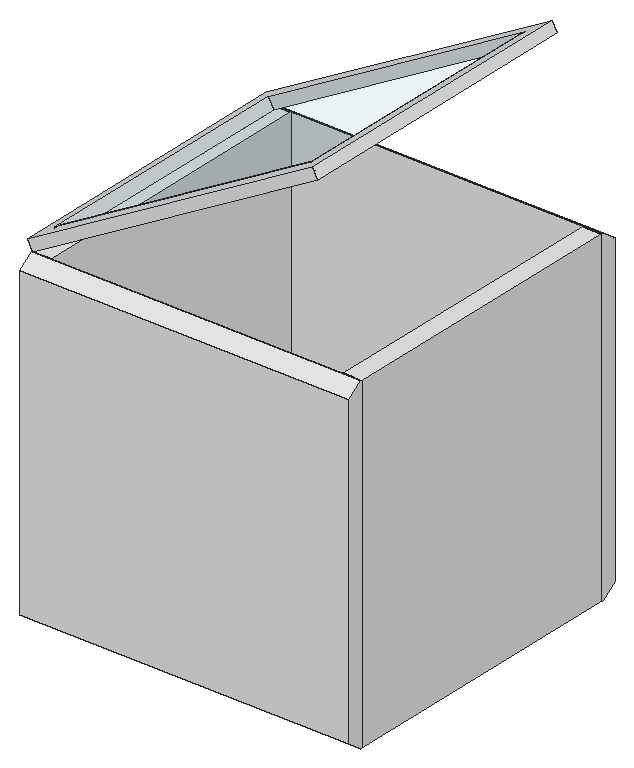
Revit family "Domotics-CablaggioStrutturato-GEWISS-QUADRI_PARETE_19_12U_P600", category Apparecchi elettrici, host Superficie, Revit 2019
Family settings
  Host = Superficie
  Mantenere orientamento annotazione = Sì
  Quota connettore circolare = Usa diametro
  Tipo di parte = Normale
  Taglio con vuoti quando caricato = No
  Condiviso = No
  Punto di calcolo locali = Sì
Parameters (values of type "GW38418 - QUADRO DA PARETE 19 12U P=600MM.")
  simbolo in pianta [instance] = yes
  n_poli = 1
  Visibilità sportello [instance] = yes
  Versione file RFA = "21.2"
  UnitÃ  di cablaggio = "12 U"
  URL = "https://www.gewiss.com/it/it"
  Tipologia porta = "Reversibile"
  Scheda Tecnica = "https://www.gewiss.com/it/it/search?q=GW38418"
  SEO = "Quadro"
  Prospetto di default = 900 mm
  ProfonditÃ  (mm) = "600 mm"
  Produttore = "GEWISS S.p.A."
  Potenza quadro = 0 V
  Portata statica = "50KG"
  Nome quadro [instance] = "n.quadro"
  N. montanti = "2"
  Modello = "GW38418"
  Materiale = "Acciaio"
  Immagine tipo = B.jpg
  IDT = "3c7993ceb833470aaa6632387aac5ca7"
  IDF = "239b2f08-b44c-4119-ad81-e5b502e56122"
  Grado di protezione = "IP20"
  Finitura = "Bucciata"
  Distanza_x [instance] = -380.34 mm
  Distanza simbolo [instance] = 0.5 mm
  Distanza effettiva x [instance] = 1000 mm - Distanza_x  # 1380.34 mm
  Dim. esterne BxHxP (mm) = "600x605x600"
  Descrizione = "QUADRO DA PARETE 19 12U P=600MM."
  Creato da GEWISS S.p.A. = ""
  Colore = "Grigio (RAL 7035)"
  Codice Electrocod = "3752"
  Categoria = "Quadro da parete 19\""
  Catalogo = "DOMOTICS"
  COBie.Tagnumber = ""
  COBie.CreatedOn = ""
  COBie.CreatebBy = ""
  COBie.ComponentRegisterItemID = ""
  COBie.Component.TagNumber = ""
  COBie.Component.Space = ""
  COBie.Component.SerialNumber = ""
  COBie.Component.InstallationDate = ""
  COBie.Component.Description = ""
  COBie.Component.BarCode = ""
  Apertura porta = "180°"
  Apertura [instance] = 30.00°
Reference planes
  plane 1 "Centro (Fronte/Retro)": y = 0
  plane 2: z = 0
  plane 3 "Centro (Sinistra/Destra)": x = 0
  plane 4: x = -1380.34
  plane 5: x = 0
Forms (mm)
  Extrusion 1, solid, detail levels coarse
    sketch origin (0, 0, 0) x (1, 0, 0) y (0, 1, 0)
      loop
        line (-10, 609) -> (-10, -4.25) -> (600, -4.25) -> (600, 609) -> (-10, 609)
    from 0 to 600
Dimensions and locks
  plane 4 to plane 3 "Centro (Sinistra/Destra)" = 1380.34 mm
  "Distanza effettiva x": plane 4 to plane 5
  aligned and locked: host face to plane 2
  aligned and locked: host face to level
  aligned and locked: nested 1 to plane 5
  aligned and locked: plane 3 "Centro (Sinistra/Destra)" to nested 2
  aligned and locked: plane 1 "Centro (Fronte/Retro)" to nested 2
  aligned and locked: Extrusion 1 sketch curve to nested 2  (x3)
  aligned and locked: Extrusion 1 to nested 2
Automatic sketch dimensions
  host sketch curve to host sketch curve = 3398.537 mm
  host sketch curve to host sketch curve = 3619.2 mm
  Extrusion 1 sketch curve to plane 3 "Centro (Sinistra/Destra)" = 10 mm
Nested families
  nested 1: "DATACENTERsimbolo" at (0, 911.19, 0), Distanza dal muro <- "Distanza simbolo", SIMBOLO ACCESO <- "simbolo in pianta", visible <- "simbolo in pianta", type "3P"
    with SIMBOLO ACCESO yes, Distanza dal muro 0.5 mm
  nested 2: "QUADRO DA PARETE 19 12U P_600MM_base" at (0, 0, 0), Visibilità sportello <- "Visibilità sportello", type "QUADRO DA PARETE 19 12U P_600MM_base", detail levels medium+fine
Connectors
  electrical at (300, 605, 300), driven by "n_poli", driven by "Potenza quadro"
    settings: on nested 2, index 1, voltage 0 V, apparent load 0 VA, apparent load phase1 0 VA, apparent load phase2 0 VA, apparent load phase3 0 VA, power factor 1, load classification "Altro", number of poles 1, system type 31, power factor state 1, is connector primary yes, connector utility no, sub classification motor no, connector description ""
Definition of nested family "QUADRO DA PARETE 19 12U P_600MM_base"
  Parameters (values of type "QUADRO DA PARETE 19 12U P_600MM_base")
    s = 30.00°
    d_piano = 0 mm
    Visibilità sportello [instance] = yes
    Vetro = none
    Struttura = none
    Sportlello = none
    Profondità quadro = 600 mm  # constant formula
    Larghezza quadro = 600 mm  # constant formula
    Altezza quadro = 605 mm  # constant formula
  Reference planes
    plane 1 "Centro (Fronte/Retro)": y = 0
    plane 2: z = 0
    plane 3 "Centro (Sinistra/Destra)": x = 0
    plane 4: z = 0
    plane 5: z = 26
    plane 6: z = 576
    plane 7: z = 600
    plane 8 "posizione": y = 30
    plane 9: y = 575
    plane 10: y = 605
    plane 11: x = 600
    plane 12: x = 34
    plane 13: x = 566
    plane 14: y = -4.25
    plane 15: y = 609
    plane 16: z = 575.1
    plane 17: z = 545.6
    plane 18: x = 69.137
    plane 19: z = 57.064
    plane 20: z = 555.625
  Forms (mm)
    Extrusion 1, solid, material <- "Struttura"
      sketch origin (0, 0, 0) x (0, 1, 0) y (0, 0, 1)
        loop
          line (30, 600) -> (30, 0) -> (575, 0) -> (575, 600) -> (30, 600)
      from 0 to 34
    Extrusion 2, solid, material <- "Struttura"
      sketch origin (612, 0, 0) x (0, 1, 0) y (0, 0, -1)
        loop
          line (30, -600) -> (575, -600) -> (575, 0) -> (30, 0) -> (30, -600)
      from 12 to 46
    Extrusion 3, solid, material <- "Struttura"
      sketch origin (0, 0, 0) x (0, 1, 0) y (0, 0, 1)
        loop
          line (30, 0) -> (30, 600) -> (27.558, 600) -> (0, 580.704) -> (0, 19.296) -> (27.558, 0) -> (30, 0)
        loop
          line (575, 0) -> (577.442, 0) -> (605, 19.296) -> (605, 580.704) -> (577.442, 600) -> (575, 600) -> (575, 0)
      from 0 to 600
    Extrusion 4, solid, material <- "Struttura"
      sketch origin (0, 0, 0) x (1, 0, 0) y (0, 1, 0)
        loop
          line (34, 575) -> (34, 30) -> (566, 30) -> (566, 575) -> (34, 575)
      from 0 to 26
    Extrusion 5, solid, material <- "Sportlello", visible <- "Visibilità sportello"
      sketch origin (731.334, 0, 1022.236) x (-0.866025, 0, -0.5) y (0, -1, 0)
        loop
          line (844.471, -30) -> (244.471, -30) -> (244.471, -575) -> (844.471, -575) -> (844.471, -30)
        loop
          line (274.471, -545) -> (814.471, -545) -> (814.471, -60) -> (274.471, -60) -> (274.471, -545)
      from 0 to 20
    Extrusion 6, solid, material <- "Vetro", visible <- "Visibilità sportello"
      sketch origin (731.334, 0, 1022.236) x (-0.866025, 0, -0.5) y (0, -1, 0)
        loop
          line (814.471, -60) -> (274.471, -60) -> (274.471, -545) -> (814.471, -545) -> (814.471, -60)
      from 0 to 20
  Lines and regions (mm)
    reference lines
      curve 1: line (731.334, 0, 1022.236) -> (0, 0, 600)
  Dimensions and locks
    locked: plane 5 to plane 4 at 26
    locked: plane 7 to plane 6 at 24
    "Profondità quadro": plane 7 to plane 4
    "d_piano": plane 4 to plane 2
    locked: plane 1 "Centro (Fronte/Retro)" to plane 8 "posizione" at 30
    locked: plane 9 to plane 10 at 30
    "Altezza quadro": plane 1 "Centro (Fronte/Retro)" to plane 10
    "Larghezza quadro": plane 3 "Centro (Sinistra/Destra)" to plane 11
    locked: plane 3 "Centro (Sinistra/Destra)" to plane 12 at 34
    locked: plane 13 to plane 11 at 34
    plane 9 to Extrusion 2 = 545 mm
    locked: plane 14 to plane 1 "Centro (Fronte/Retro)" at 4.25
    locked: plane 10 to plane 15 at 4
    locked: plane 17 to plane 16 at 29.5
    locked: plane 16 to plane 7 at 24.9
    locked: plane 19 to plane 5 at 31.064
    plane 3 "Centro (Sinistra/Destra)" to Extrusion 4 = 566 mm
    locked: Extrusion 5 sketch curve to curve 1 at 30
    "Larghezza quadro": Extrusion 5 sketch curve to Extrusion 5 sketch curve
    locked: Extrusion 5 sketch curve to Extrusion 5 sketch curve at 30  (x4)
    "s": angle plane 7 to curve 1
    aligned and locked: Extrusion 1 sketch curve to plane 7
    aligned and locked: Extrusion 1 sketch curve to plane 4
    aligned and locked: Extrusion 1 sketch curve to plane 8 "posizione"
    aligned and locked: Extrusion 1 sketch curve to plane 9
    aligned and locked: Extrusion 1 to plane 3 "Centro (Sinistra/Destra)"
    aligned and locked: plane 12 to Extrusion 1
    aligned and locked: plane 13 to Extrusion 2
    aligned and locked: Extrusion 2 to plane 11
    aligned and locked: Extrusion 2 to plane 4
    aligned and locked: plane 7 to Extrusion 2
    aligned and locked: Extrusion 3 sketch curve to plane 8 "posizione"
    aligned and locked: Extrusion 3 sketch curve to plane 7
    aligned and locked: Extrusion 3 sketch curve to plane 1 "Centro (Fronte/Retro)"
    aligned and locked: Extrusion 3 sketch curve to plane 10
    aligned and locked: Extrusion 3 sketch curve to plane 9
    aligned and locked: plane 7 to Extrusion 3 sketch curve
    aligned and locked: Extrusion 3 sketch curve to plane 4
    aligned and locked: Extrusion 3 to plane 3 "Centro (Sinistra/Destra)"
    aligned and locked: Extrusion 3 to plane 11
    aligned and locked: Extrusion 4 sketch curve to plane 12
    aligned and locked: Extrusion 4 sketch curve to plane 9
    aligned and locked: Extrusion 4 sketch curve to plane 8 "posizione"
    aligned and locked: Extrusion 4 sketch curve to plane 13
    aligned and locked: plane 5 to Extrusion 4
    aligned and locked: Extrusion 4 to plane 4
    aligned and locked: curve 1 to Extrusion 3
    aligned and locked: Extrusion 6 sketch curve to Extrusion 5  (x3)
    aligned and locked: Extrusion 5 sketch curve to Extrusion 3
  Automatic sketch dimensions
    plane 7 to Extrusion 2 sketch curve = 0 mm
    Extrusion 2 sketch curve to plane 8 "posizione" = 0 mm
    Extrusion 2 sketch curve to plane 4 = 0 mm
    Extrusion 2 sketch curve to plane 9 = 0 mm
    plane 8 "posizione" to Extrusion 3 sketch curve = 2.442 mm  (x2)
    Extrusion 3 sketch curve to plane 9 = 2.442 mm  (x2)
    Extrusion 3 sketch curve to plane 5 = 6.704 mm  (x2)
    plane 6 to Extrusion 3 sketch curve = 4.704 mm  (x2)
    Extrusion 3 sketch curve to plane 4 = 0 mm
    Extrusion 6 sketch curve to curve 1 = 30 mm
    Extrusion 5 sketch curve to curve 1 = 0 mm
    curve 1 to plane 3 "Centro (Sinistra/Destra)" = 0 mm
    curve 1 to plane 7 = 0 mm
Definition of nested family "DATACENTERsimbolo"
  Parameters (values of type "3P")
    SIMBOLO ACCESO [instance] = yes
    Distanza dal muro [instance] = 0 mm
  Reference planes
    plane 1: y = 0
    plane 2: x = 0
  Dimensions and locks
    "Distanza dal muro": plane 1 to nested 1
    aligned and locked: plane 2 to nested 1
  Nested families
    nested 1: "DATACENTERsimbolo.base" at (0, 0, 0), type "3P"
      with CORNICE SIMBOLO yes
  Definition of nested family "DATACENTERsimbolo.base"
    Parameters (values of type "3P")
      Testo = ""
      CORNICE SIMBOLO [instance] = yes
      3P = yes
    Reference planes
      plane 1: y = 0
      plane 2: x = 0
    Lines and regions (mm)
      detail lines
        curve 1: line (6.852, 3.426, 0) -> (8.859, 3.426, 0)
        curve 2: line (8.859, 3.426, 0) -> (8.859, 0, 0)
        curve 3: line (8.859, 0, 0) -> (6.852, 0, 0)
        curve 4: line (6.852, 0, 0) -> (0, 3.426, 0)
        curve 5: line (0, 3.426, 0) -> (3.027, 3.426, 0)
        curve 6: line (3.027, 3.426, 0) -> (6.852, 3.426, 0)
        curve 7: line (6.852, 3.426, 0) -> (6.852, 0, 0)
        curve 8: line (6.852, 0, 0) -> (0, 0, 0)
        curve 9: line (0, 0, 0) -> (0, 3.426, 0)
        curve 10: line (7.856, 1.713, 0) -> (7.856, 2.67, 0)
        curve 11: line (8.526, 0.756, 0) -> (8.526, 1.713, 0)
        curve 12: line (8.526, 1.713, 0) -> (7.185, 1.713, 0)
        curve 13: line (7.185, 1.713, 0) -> (7.185, 0.756, 0)
    Text (mm)
      label "RJ" at (7.87, 1.29, 0), shows "Testo"
    Nested families
      nested 1: "testo_simb" at (7.89, 1.134, 0), type "3P"
        with SIMBOLO ACCESO yes, Distanza dal muro 0 mm
      nested 2: "testo_simb" at (7.855, 0, 0), type "3P"
        with SIMBOLO ACCESO yes, Distanza dal muro 0 mm
      nested 3: "testo_simb" at (7.855, 0, 0), type "3P"
        with SIMBOLO ACCESO yes, Distanza dal muro 0 mm
      nested 4: "testo_simb" at (7.855, 0, 0), type "3P"
        with SIMBOLO ACCESO yes, Distanza dal muro 0 mm
      nested 5: "testo_simb" at (7.855, 0, 0), type "3P"
        with SIMBOLO ACCESO yes, Distanza dal muro 0 mm
    Definition of nested family "testo_simb"
      Parameters (values of type "3P")
        testo simb = ""
        SIMBOLO ACCESO [instance] = yes
        Distanza dal muro [instance] = 0 mm
      Reference planes
        plane 1: y = 0
        plane 2: x = 0
      Text (mm)
        label "RJ" at (0.02, 0.123, 0), shows "testo simb"
